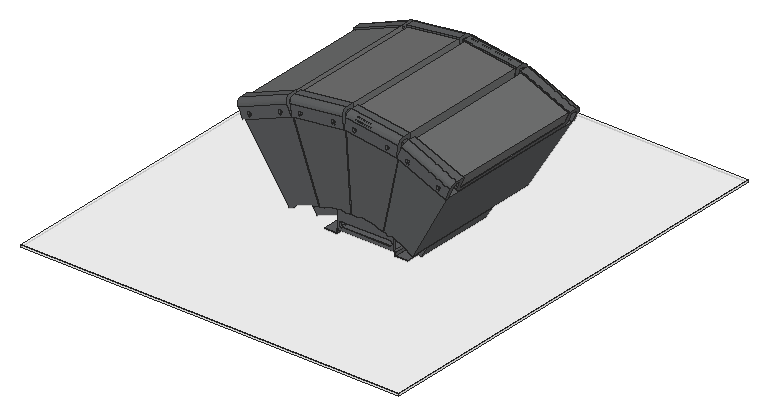
Revit family "HX-5B", category Communication Devices, host Face, Revit 2016
Family settings
  Host = Face
  Maintain Annotation Orientation = No
  Part Type = Normal
  Round Connector Dimension = Use Diameter
  OmniClass Number = 23.85.10.11.14
  OmniClass Title = Audio Equipment
  Cut with Voids When Loaded = Yes
  Shared = No
  Room Calculation Point = No
Parameters (values of type "HX-5B")
  Weight = "16kg"
  Water Protection = "-"
  URL = "http://toa.com.sg"
  Speaker Cord = "-"
  Speaker Component = "Low frequency: 12cm cone-type × 4\r\nHigh frequency: Balanced dome-type × 12"
  Sensitivity = "96dB (60° mode), 97dB (45° mode), 98dB (30° mode), 99dB (15° mode)*"
  Power Handling Capacity = "Continuous pink noise: 200W, Continuous program: 600W"
  Option = "Matching transformer: MT-200\r\nSpeaker mounting bracket: HY-PF1B,\r\n HY-CW1B, HY-WM1B, HY-WM2B\r\n HY-CN1B\r\nSpeaker stand adapter: HY-ST1"
  Operating Temperature = "-"
  Mesh = Black Mesh
  Material = Black
  Input Terminal = "Speakon NL4MP × 2 and M4 screw terminal"
  Model Type = "COMPACT ARRAY SPEAKER SYSTEM"
  Frequency Response = "70 – 20,000Hz (–10dB) (60° mode), 75 – 20,000Hz (–10dB) (45° mode), 80 – 20,000Hz (–10dB) (30° mode), 85 – 20,000Hz (–10dB) (15° mode)"
  Impedance = "8Ω"
  Model By = "BIMLIFE PTE LTD"  # constant formula
  Model = "HX-5B"
  Manufacturer = "TOA Electronics Pte Ltd"  # constant formula
  Supplier Tel = "+65 6835 9119"  # constant formula
  Supplier Fax = "+65 6835 9559"  # constant formula
  Supplier Address = "491B River Valley Road, #19-03/04 Valley Point Office Tower, Singapore 248373"  # constant formula
  Supplier = "TOA Electronics Pte Ltd"  # constant formula
  Suppiler Email = "http://toa.com.sg"  # constant formula
  Finish = "Enclosure: Polypropylene, black\r\nPunched net: Surface-treated steel plate, black"
  Enclosure = "Bass-reflex type"
  Directivity Angle = "Horizontal: 100° (2 kHz or more)\r\nVertical: 60° (800 Hz or more), 45° (1.2 kHz or more), 30° (1.6 kHz or more), 15° (3.2 kHz or more) variable"
  Dimension = "408 (W) × 546 (H) ×342 (D)mm"
  Default Elevation = 0 mm
  Crossover Frequency = "4kHz"
  Copyright To = "TOA Electronics Pte Ltd"  # constant formula
  Accessory = "Hanging bracket × 2, Hex. wrench × 1"
Types (4, lengths in mm): name | Water Protection | Speaker Cord | Option | Operating Temperature | Mesh | Material | Input Terminal | Frequency Response | Model | Finish | Enclosure
  HX-5B | "-" | "-" | "Matching transformer: MT-200\r\nSpeaker mounting bracket: HY-PF1B,\r\n HY-CW1B, HY-WM1B, HY-WM2B\r\n HY-CN1B\r\nSpeaker stand adapter: HY-ST1" | "-" | Black Mesh | Black | "Speakon NL4MP × 2 and M4 screw terminal" | "70 – 20,000Hz (–10dB) (60° mode), 75 – 20,000Hz (–10dB) (45° mode), 80 – 20,000Hz (–10dB) (30° mode), 85 – 20,000Hz (–10dB) (15° mode)" | "HX-5B" | "Enclosure: Polypropylene, black\r\nPunched net: Surface-treated steel plate, black" | "Bass-reflex type"
  HX-5B-WP | "IPX4 (Install with the every speaker module downward)" | "2-core cabtyre cord with diameter of 6mm" | "Matching transformer: MT-200\r\nSpeaker mounting bracket: HY-PF1WP, \r\n HY-CW1WP, HY-WM1WP\r\n HY-WM2WP, HY-CN1B-WP" | "–15°C to +50°C" | Black Mesh | Black | "-" | "95 – 20,000Hz (–10dB) (60° mode), 100 – 20,000Hz (–10dB) (45° mode), 105 – 20,000Hz (–10dB) (30° mode), 110 – 20,000Hz (–10dB) (15° mode)" | "HX-5B-WP" | "Enclosure: Polypropylene, black\r\nPunched net: Surface-treated steel plate, black, rust proof coating" | "Sealed type"
  HX-5W | "-" | "-" | "Matching transformer: MT-200\r\nSpeaker mounting bracket: HY-PF1B,\r\n HY-CW1B, HY-WM1B, HY-WM2B\r\n HY-CN1B\r\nSpeaker stand adapter: HY-ST1" | "-" | White Mesh | OFF-WHITE | "Speakon NL4MP × 2 and M4 screw terminal" | "70 – 20,000Hz (–10dB) (60° mode), 75 – 20,000Hz (–10dB) (45° mode), 80 – 20,000Hz (–10dB) (30° mode), 85 – 20,000Hz (–10dB) (15° mode)" | "HX-5W" | "Enclosure: Polypropylene, white\r\nPunched net: Surface-treated steel plate, white" | "Bass-reflex type"
  HX-5W-WP | "IPX4 (Install with the every speaker module downward)" | "2-core cabtyre cord with diameter of 6mm" | "Matching transformer: MT-200\r\nSpeaker mounting bracket: HY-PF1WP, \r\n HY-CW1WP, HY-WM1WP\r\n HY-WM2WP, HY-CN1B-WP" | "–15°C to +50°C" | White Mesh | OFF-WHITE | "-" | "95 – 20,000Hz (–10dB) (60° mode), 100 – 20,000Hz (–10dB) (45° mode), 105 – 20,000Hz (–10dB) (30° mode), 110 – 20,000Hz (–10dB) (15° mode)" | "HX-5W-WP" | "Enclosure: Polypropylene, white\r\nPunched net: Surface-treated steel plate, white, rust proof coating" | "Sealed type"
Reference planes
  plane 1 "Center (Front/Back)": y = 0
  plane 2: z = 0
  plane 3 "Center (Left/Right)": x = 0
Forms (mm)
  Extrusion 1, solid, material "Surface"
    sketch origin (1.238, -318.929, 0) x (1, 0, 0) y (0, 1, 0)
      loop
        line (-537.238, 873.929) -> (-537.238, -236.071) -> (424.112, -236.071) -> (424.112, 873.929) -> (-537.238, 873.929)
    from 0 to -6.497
  Extrusion 2, solid, material "Black" <- "Material", not visible
    sketch origin (-132.106, 204, -1125.384) x (-0.130526, 0, -0.991445) y (0.991445, 0, -0.130526)
      loop
        arc (-1190.206, 219.522) -> (-1191.438, 221.24) -> (-1193.496, 221.72) r 3
        line (-1193.496, 221.72) -> (-1203.448, 220.41) -> (-1212.841, 215.139) -> (-1248.533, 210.44) -> (-1258.969, 213.1) -> (-1268.922, 211.79)
        arc (-1268.922, 211.79) -> (-1270.786, 210.794) -> (-1271.531, 208.816) r 3
        line (-1271.531, 208.816) -> (-1271.531, 9.721) -> (-1138.677, 27.211) -> (-1190.206, 219.522)
    from 0 to 408
  Extrusion 3, void, not visible
    sketch origin (1.238, -318.929, 1.25) x (0, 1, 0) y (1, 0, 0)
      loop
        line (119.929, 42.262) -> (137.426, 242.262) -> (500.431, 242.262) -> (517.929, 42.262) -> (544.929, 42.262) -> (544.929, 250.621) -> (94.929, 250.621) -> (94.929, 42.262) -> (119.929, 42.262)
    from -135.694 to 4.095
  Sweep 4, solid, material "Black" <- "Material", not visible
    path origin (0, 0, 0) x (1, 0, 0) y (0, 1, 0)
      loop
        line (43.5, 204) -> (15, 204)
        arc (15, 204) -> (4.393, 199.607) -> (0, 189) r 15
        line (0, 189) -> (0, 169) -> (25, 169)
        arc (25, 169) -> (28.535, 167.536) -> (30, 164) r 5
        line (30, 164) -> (30, -164)
        arc (30, -164) -> (28.535, -167.536) -> (25, -169) r 5
        line (25, -169) -> (0, -169) -> (0, -189)
        arc (0, -189) -> (4.393, -199.607) -> (15, -204) r 15
        line (15, -204) -> (43.5, -204)
    profile origin (29.25, -204, 0) x (0, 1, 0) y (0, 0, 1)
      loop
        line (0, 0) -> (7, 0) -> (7, 134) -> (0, 134) -> (0, 0)
  Extrusion 5, solid, material "Black Mesh", not visible
    sketch origin (0, 0, 0) x (1, 0, 0) y (0, 1, 0)
      loop
        line (3, 169) -> (3, -169) -> (25, -169)
        arc (25, -169) -> (28.535, -167.536) -> (30, -164) r 5
        line (30, -164) -> (30, 164)
        arc (30, 164) -> (28.535, 167.536) -> (25, 169) r 5
        line (25, 169) -> (3, 169)
    from 3 to 131
  Extrusion 6, void, not visible
    sketch origin (0, -30.608, -19.725) x (0, 0, -1) y (1, 0, 0)
      loop
        circle (-128.725, 31.5) r 5.476
      loop
        circle (-44.725, 31.5) r 5.476
    from 169.6 to 173.392
  Extrusion 7, void, not visible
    sketch origin (0, 30.608, -19.725) x (0, 0, -1) y (-1, 0, 0)
      loop
        circle (-128.725, -31.5) r 5.476
      loop
        circle (-44.725, -31.5) r 5.476
    from 169.6 to 173.392
  Extrusion 8, solid, material "Black" <- "Material"
    sketch origin (-1265.736, 204, 309.012) x (-1, 0, 0) y (0, 0, -1)
      loop
        arc (-1190.206, 219.522) -> (-1191.438, 221.24) -> (-1193.496, 221.72) r 3
        line (-1193.496, 221.72) -> (-1203.448, 220.41) -> (-1212.841, 215.139) -> (-1248.533, 210.44) -> (-1258.969, 213.1) -> (-1268.922, 211.79)
        arc (-1268.922, 211.79) -> (-1270.786, 210.794) -> (-1271.531, 208.816) r 3
        line (-1271.531, 208.816) -> (-1271.531, 9.721) -> (-1138.677, 27.211) -> (-1190.206, 219.522)
    from 0 to 408
  Extrusion 9, void
    sketch origin (-131.336, -318.929, 323.865) x (-0.130526, 0, 0.991445) y (0, 1, 0)
      loop
        line (-42.262, 119.929) -> (-242.262, 137.426) -> (-242.262, 500.431) -> (-42.262, 517.929) -> (-42.262, 544.929) -> (-250.621, 544.929) -> (-250.621, 94.929) -> (-42.262, 94.929) -> (-42.262, 119.929)
    from -135.694 to 4.095
  Sweep 10, solid, material "Black" <- "Material"
    path origin (-132.737, 0, 324.929) x (0.130526, 0, -0.991445) y (0, 1, 0)
      loop
        line (43.5, 204) -> (15, 204)
        arc (15, 204) -> (4.393, 199.607) -> (0, 189) r 15
        line (0, 189) -> (0, 169) -> (25, 169)
        arc (25, 169) -> (28.535, 167.536) -> (30, 164) r 5
        line (30, 164) -> (30, -164)
        arc (30, -164) -> (28.535, -167.536) -> (25, -169) r 5
        line (25, -169) -> (0, -169) -> (0, -189)
        arc (0, -189) -> (4.393, -199.607) -> (15, -204) r 15
        line (15, -204) -> (43.5, -204)
    profile origin (-128.919, -204, 295.929) x (0, 1, 0) y (0.991445, 0, 0.130526)
      loop
        line (0, 0) -> (7, 0) -> (7, 134) -> (0, 134) -> (0, 0)
  Extrusion 11, solid, material "Black Mesh" <- "Mesh"
    sketch origin (-132.737, 0, 324.929) x (0.130526, 0, -0.991445) y (0, 1, 0)
      loop
        line (3, 169) -> (3, -169) -> (25, -169)
        arc (25, -169) -> (28.535, -167.536) -> (30, -164) r 5
        line (30, -164) -> (30, 164)
        arc (30, 164) -> (28.535, 167.536) -> (25, 169) r 5
        line (25, 169) -> (3, 169)
    from 3 to 131
  Extrusion 12, void
    sketch origin (-152.293, -30.608, 322.355) x (-0.991445, 0, -0.130526) y (0.130526, 0, -0.991445)
      loop
        circle (-128.725, 31.5) r 5.476
      loop
        circle (-44.725, 31.5) r 5.476
    from 169.6 to 173.392
  Extrusion 13, void
    sketch origin (-152.293, 30.608, 322.355) x (-0.991445, 0, -0.130526) y (-0.130526, 0, 0.991445)
      loop
        circle (-128.725, -31.5) r 5.476
      loop
        circle (-44.725, -31.5) r 5.476
    from 169.6 to 173.392
  Extrusion 14, solid, material "Black" <- "Material"
    sketch origin (-1358.659, 204, -38.141) x (-0.965926, 0, -0.258819) y (0.258819, 0, -0.965926)
      loop
        arc (-1190.206, 219.522) -> (-1191.438, 221.24) -> (-1193.496, 221.72) r 3
        line (-1193.496, 221.72) -> (-1203.448, 220.41) -> (-1212.841, 215.139) -> (-1248.533, 210.44) -> (-1258.969, 213.1) -> (-1268.922, 211.79)
        arc (-1268.922, 211.79) -> (-1270.786, 210.794) -> (-1271.531, 208.816) r 3
        line (-1271.531, 208.816) -> (-1271.531, 9.721) -> (-1138.677, 27.211) -> (-1190.206, 219.522)
    from 0 to 408
  Sweep 15, solid, material "Black" <- "Material"
    path origin (-268.386, 0, 270.475) x (0.382683, 0, -0.92388) y (0, 1, 0)
      loop
        line (43.5, 204) -> (15, 204)
        arc (15, 204) -> (4.393, 199.607) -> (0, 189) r 15
        line (0, 189) -> (0, 169) -> (25, 169)
        arc (25, 169) -> (28.535, 167.536) -> (30, 164) r 5
        line (30, 164) -> (30, -164)
        arc (30, -164) -> (28.535, -167.536) -> (25, -169) r 5
        line (25, -169) -> (0, -169) -> (0, -189)
        arc (0, -189) -> (4.393, -199.607) -> (15, -204) r 15
        line (15, -204) -> (43.5, -204)
    profile origin (-257.192, -204, 243.451) x (0, 1, 0) y (0.92388, 0, 0.382683)
      loop
        line (0, 0) -> (7, 0) -> (7, 134) -> (0, 134) -> (0, 0)
  Extrusion 16, solid, material "Black Mesh" <- "Mesh"
    sketch origin (-268.386, 0, 270.475) x (0.382683, 0, -0.92388) y (0, 1, 0)
      loop
        line (3, 169) -> (3, -169) -> (25, -169)
        arc (25, -169) -> (28.535, -167.536) -> (30, -164) r 5
        line (30, -164) -> (30, 164)
        arc (30, 164) -> (28.535, 167.536) -> (25, 169) r 5
        line (25, 169) -> (3, 169)
    from 3 to 131
  Extrusion 17, void
    sketch origin (-286.609, -30.608, 262.926) x (-0.92388, 0, -0.382683) y (0.382683, 0, -0.92388)
      loop
        circle (-128.725, 31.5) r 5.476
      loop
        circle (-44.725, 31.5) r 5.476
    from 169.6 to 173.392
  Extrusion 18, void
    sketch origin (-286.609, 30.608, 262.926) x (-0.92388, 0, -0.382683) y (-0.382683, 0, 0.92388)
      loop
        circle (-128.725, -31.5) r 5.476
      loop
        circle (-44.725, -31.5) r 5.476
    from 169.6 to 173.392
  Extrusion 19, solid, material "Black" <- "Material"
    sketch origin (-832.079, 204, 874.47) x (-0.866025, 0, 0.5) y (-0.5, 0, -0.866025)
      loop
        arc (-1190.206, 219.522) -> (-1191.438, 221.24) -> (-1193.496, 221.72) r 3
        line (-1193.496, 221.72) -> (-1203.448, 220.41) -> (-1212.841, 215.139) -> (-1248.533, 210.44) -> (-1258.969, 213.1) -> (-1268.922, 211.79)
        arc (-1268.922, 211.79) -> (-1270.786, 210.794) -> (-1271.531, 208.816) r 3
        line (-1271.531, 208.816) -> (-1271.531, 9.721) -> (-1138.677, 27.211) -> (-1190.206, 219.522)
    from 0 to 408
  Extrusion 20, void
    sketch origin (157.767, -318.929, 320.133) x (0.382683, 0, 0.92388) y (0, 1, 0)
      loop
        line (-42.262, 119.929) -> (-242.262, 137.426) -> (-242.262, 500.431) -> (-42.262, 517.929) -> (-42.262, 544.929) -> (-250.621, 544.929) -> (-250.621, 94.929) -> (-42.262, 94.929) -> (-42.262, 119.929)
    from -135.694 to 4.095
  Sweep 21, solid, material "Black" <- "Material"
    path origin (157.086, 0, 321.754) x (-0.382683, 0, -0.92388) y (0, 1, 0)
      loop
        line (43.5, 204) -> (15, 204)
        arc (15, 204) -> (4.393, 199.607) -> (0, 189) r 15
        line (0, 189) -> (0, 169) -> (25, 169)
        arc (25, 169) -> (28.535, 167.536) -> (30, 164) r 5
        line (30, 164) -> (30, -164)
        arc (30, -164) -> (28.535, -167.536) -> (25, -169) r 5
        line (25, -169) -> (0, -169) -> (0, -189)
        arc (0, -189) -> (4.393, -199.607) -> (15, -204) r 15
        line (15, -204) -> (43.5, -204)
    profile origin (145.892, -204, 294.731) x (0, 1, 0) y (0.92388, 0, -0.382683)
      loop
        line (0, 0) -> (7, 0) -> (7, 134) -> (0, 134) -> (0, 0)
  Extrusion 22, solid, material "Black Mesh" <- "Mesh"
    sketch origin (157.086, 0, 321.754) x (-0.382683, 0, -0.92388) y (0, 1, 0)
      loop
        line (3, 169) -> (3, -169) -> (25, -169)
        arc (25, -169) -> (28.535, -167.536) -> (30, -164) r 5
        line (30, -164) -> (30, 164)
        arc (30, 164) -> (28.535, 167.536) -> (25, 169) r 5
        line (25, 169) -> (3, 169)
    from 3 to 131
  Extrusion 23, void
    sketch origin (138.863, -30.608, 329.303) x (-0.92388, 0, 0.382683) y (-0.382683, 0, -0.92388)
      loop
        circle (-128.725, 31.5) r 5.476
      loop
        circle (-44.725, 31.5) r 5.476
    from 169.6 to 173.392
  Extrusion 24, void
    sketch origin (138.863, 30.608, 329.303) x (-0.92388, 0, 0.382683) y (0.382683, 0, 0.92388)
      loop
        circle (-128.725, -31.5) r 5.476
      loop
        circle (-44.725, -31.5) r 5.476
    from 169.6 to 173.392
  Extrusion 25, solid, material "Black" <- "Material"
    sketch origin (-1086.129, 204, 620.287) x (-0.965926, 0, 0.258819) y (-0.258819, 0, -0.965926)
      loop
        arc (-1190.206, 219.522) -> (-1191.438, 221.24) -> (-1193.496, 221.72) r 3
        line (-1193.496, 221.72) -> (-1203.448, 220.41) -> (-1212.841, 215.139) -> (-1248.533, 210.44) -> (-1258.969, 213.1) -> (-1268.922, 211.79)
        arc (-1268.922, 211.79) -> (-1270.786, 210.794) -> (-1271.531, 208.816) r 3
        line (-1271.531, 208.816) -> (-1271.531, 9.721) -> (-1138.677, 27.211) -> (-1190.206, 219.522)
    from 0 to 408
  Extrusion 26, void
    sketch origin (13.461, -318.929, 341.029) x (0.130526, 0, 0.991445) y (0, 1, 0)
      loop
        line (-42.262, 119.929) -> (-242.262, 137.426) -> (-242.262, 500.431) -> (-42.262, 517.929) -> (-42.262, 544.929) -> (-250.621, 544.929) -> (-250.621, 94.929) -> (-42.262, 94.929) -> (-42.262, 119.929)
    from -135.694 to 4.095
  Sweep 27, solid, material "Black" <- "Material"
    path origin (12.383, 0, 342.42) x (-0.130526, 0, -0.991445) y (0, 1, 0)
      loop
        line (43.5, 204) -> (15, 204)
        arc (15, 204) -> (4.393, 199.607) -> (0, 189) r 15
        line (0, 189) -> (0, 169) -> (25, 169)
        arc (25, 169) -> (28.535, 167.536) -> (30, 164) r 5
        line (30, 164) -> (30, -164)
        arc (30, -164) -> (28.535, -167.536) -> (25, -169) r 5
        line (25, -169) -> (0, -169) -> (0, -189)
        arc (0, -189) -> (4.393, -199.607) -> (15, -204) r 15
        line (15, -204) -> (43.5, -204)
    profile origin (8.565, -204, 313.42) x (0, 1, 0) y (0.991445, 0, -0.130526)
      loop
        line (0, 0) -> (7, 0) -> (7, 134) -> (0, 134) -> (0, 0)
  Extrusion 28, solid, material "Black Mesh" <- "Mesh"
    sketch origin (12.383, 0, 342.42) x (-0.130526, 0, -0.991445) y (0, 1, 0)
      loop
        line (3, 169) -> (3, -169) -> (25, -169)
        arc (25, -169) -> (28.535, -167.536) -> (30, -164) r 5
        line (30, -164) -> (30, 164)
        arc (30, 164) -> (28.535, 167.536) -> (25, 169) r 5
        line (25, 169) -> (3, 169)
    from 3 to 131
  Extrusion 29, void
    sketch origin (-7.172, -30.608, 344.994) x (-0.991445, 0, 0.130526) y (-0.130526, 0, -0.991445)
      loop
        circle (-128.725, 31.5) r 5.476
      loop
        circle (-44.725, 31.5) r 5.476
    from 169.6 to 173.392
  Extrusion 30, void
    sketch origin (-7.172, 30.608, 344.994) x (-0.991445, 0, 0.130526) y (0.130526, 0, 0.991445)
      loop
        circle (-128.725, -31.5) r 5.476
      loop
        circle (-44.725, -31.5) r 5.476
    from 169.6 to 173.392
  Extrusion 31, solid, material "Black" <- "Material"
    sketch origin (151.345, -204, 307.896) x (-0.382683, 0, -0.92388) y (0.92388, 0, -0.382683)
      loop
        arc (267.798, 35.034) -> (269.014, 35.684) -> (269.5, 36.975) r 1.958
        line (269.5, 36.975) -> (269.5, 96.988)
        arc (269.5, 96.988) -> (269.004, 98.306) -> (267.761, 98.97) r 2
        line (267.761, 98.97) -> (224.5, 104.666) -> (224.5, 29.334) -> (267.798, 35.034)
    from -80 to -282
  Extrusion 32, solid, material "Black" <- "Material", not visible
    sketch origin (15, -204, 0) x (1, 0, 0) y (0, 0, 1)
      loop
        arc (267.798, 35.034) -> (269.014, 35.684) -> (269.5, 36.975) r 1.958
        line (269.5, 36.975) -> (269.5, 96.988)
        arc (269.5, 96.988) -> (269.004, 98.306) -> (267.761, 98.97) r 2
        line (267.761, 98.97) -> (224.5, 104.666) -> (224.5, 29.334) -> (267.798, 35.034)
    from -80 to -282
  Extrusion 33, solid, material "Black" <- "Material"
    sketch origin (-130.779, -204, 310.058) x (0.130526, 0, -0.991445) y (0.991445, 0, 0.130526)
      loop
        arc (267.798, 35.034) -> (269.014, 35.684) -> (269.5, 36.975) r 1.958
        line (269.5, 36.975) -> (269.5, 96.988)
        arc (269.5, 96.988) -> (269.004, 98.306) -> (267.761, 98.97) r 2
        line (267.761, 98.97) -> (224.5, 104.666) -> (224.5, 29.334) -> (267.798, 35.034)
    from -80 to -282
  Extrusion 34, solid, material "Black" <- "Material"
    sketch origin (-262.645, -204, 256.617) x (0.382683, 0, -0.92388) y (0.92388, 0, 0.382683)
      loop
        arc (267.798, 35.034) -> (269.014, 35.684) -> (269.5, 36.975) r 1.958
        line (269.5, 36.975) -> (269.5, 96.988)
        arc (269.5, 96.988) -> (269.004, 98.306) -> (267.761, 98.97) r 2
        line (267.761, 98.97) -> (224.5, 104.666) -> (224.5, 29.334) -> (267.798, 35.034)
    from -80 to -282
  Extrusion 35, solid, material "Black" <- "Material"
    sketch origin (10.425, -204, 327.548) x (-0.130526, 0, -0.991445) y (0.991445, 0, -0.130526)
      loop
        arc (267.798, 35.034) -> (269.014, 35.684) -> (269.5, 36.975) r 1.958
        line (269.5, 36.975) -> (269.5, 96.988)
        arc (269.5, 96.988) -> (269.004, 98.306) -> (267.761, 98.97) r 2
        line (267.761, 98.97) -> (224.5, 104.666) -> (224.5, 29.334) -> (267.798, 35.034)
    from -80 to -282
  Extrusion 36, solid, material "Black" <- "Material"
    sketch origin (10.425, -124, 327.548) x (-0.130526, 0, -0.991445) y (0.991445, 0, -0.130526)
      loop
        arc (248.437, 94.057) -> (241.808, 90.23) -> (239.827, 82.837) r 10
        line (239.827, 82.837) -> (255.817, -38.615)
        arc (255.817, -38.615) -> (259.644, -45.243) -> (267.037, -47.224) r 10
        line (267.037, -47.224) -> (322.022, -39.985) -> (303.422, 101.296) -> (248.437, 94.057)
      loop
        line (285.101, 87.537) -> (300.765, -31.437)
        arc (300.765, -31.437) -> (309.179, -37.894) -> (315.636, -29.479) r 7.5
        line (315.636, -29.479) -> (299.973, 89.495)
        arc (299.973, 89.495) -> (291.558, 95.951) -> (285.101, 87.537) r 7.5
      loop
        circle (254.5, 86) r 6.1
      loop
        arc (260.072, 74.63) -> (258.924, 76.618) -> (256.706, 77.213) r 3
        line (256.706, 77.213) -> (250.757, 76.43)
        arc (250.757, 76.43) -> (248.769, 75.282) -> (248.175, 73.064) r 3
        line (248.175, 73.064) -> (254.309, 26.466)
        arc (254.309, 26.466) -> (255.457, 24.477) -> (257.675, 23.883) r 3
        line (257.675, 23.883) -> (263.624, 24.666)
        arc (263.624, 24.666) -> (265.612, 25.814) -> (266.207, 28.032) r 3
        line (266.207, 28.032) -> (260.072, 74.63)
      loop
        circle (259.342, 11.226) r 6.1
    from 0 to 3
  Extrusion 37, solid, material "Black" <- "Material"
    sketch origin (-1265.736, -30.608, 309.012) x (-1, 0, 0) y (0, 0, -1)
      loop
        arc (-1341.736, 306.512) -> (-1341.029, 306.22) -> (-1340.736, 305.512) r 1
        line (-1340.736, 305.512) -> (-1340.736, 299.012)
        arc (-1340.736, 299.012) -> (-1339.62, 296.449) -> (-1336.986, 295.512) r 3.514
        line (-1336.986, 295.512) -> (-1194.236, 295.512)
        arc (-1194.236, 295.512) -> (-1191.761, 296.538) -> (-1190.736, 299.012) r 3.5
        line (-1190.736, 299.012) -> (-1190.736, 305.512)
        arc (-1190.736, 305.512) -> (-1190.443, 306.22) -> (-1189.736, 306.512) r 1
        line (-1189.736, 306.512) -> (-1160.736, 306.512) -> (-1160.736, 309.012) -> (-1189.736, 309.012)
        arc (-1189.736, 309.012) -> (-1192.211, 307.987) -> (-1193.236, 305.512) r 3.5
        line (-1193.236, 305.512) -> (-1193.236, 299.012)
        arc (-1193.236, 299.012) -> (-1193.529, 298.305) -> (-1194.236, 298.012) r 1
        line (-1194.236, 298.012) -> (-1337.236, 298.012)
        arc (-1337.236, 298.012) -> (-1337.943, 298.305) -> (-1338.236, 299.012) r 1
        line (-1338.236, 299.012) -> (-1338.236, 305.512)
        arc (-1338.236, 305.512) -> (-1339.261, 307.987) -> (-1341.736, 309.012) r 3.5
        line (-1341.736, 309.012) -> (-1370.736, 309.012) -> (-1370.736, 306.512) -> (-1341.736, 306.512)
    from -111.608 to 96.392
  Extrusion 38, solid, material "Black" <- "Material"
    sketch origin (10.425, 78, 327.548) x (0.130526, 0, 0.991445) y (0.991445, 0, -0.130526)
      loop
        line (-248.437, 94.057) -> (-303.422, 101.296) -> (-322.022, -39.985) -> (-267.037, -47.224)
        arc (-267.037, -47.224) -> (-259.644, -45.243) -> (-255.817, -38.615) r 10
        line (-255.817, -38.615) -> (-239.827, 82.837)
        arc (-239.827, 82.837) -> (-241.808, 90.23) -> (-248.437, 94.057) r 10
      loop
        arc (-285.101, 87.537) -> (-291.558, 95.951) -> (-299.973, 89.495) r 7.5
        line (-299.973, 89.495) -> (-315.636, -29.479)
        arc (-315.636, -29.479) -> (-309.179, -37.894) -> (-300.765, -31.437) r 7.5
        line (-300.765, -31.437) -> (-285.101, 87.537)
      loop
        circle (-254.5, 86) r 6.1
      loop
        line (-260.072, 74.63) -> (-266.207, 28.032)
        arc (-266.207, 28.032) -> (-265.612, 25.814) -> (-263.624, 24.666) r 3
        line (-263.624, 24.666) -> (-257.675, 23.883)
        arc (-257.675, 23.883) -> (-255.457, 24.477) -> (-254.309, 26.466) r 3
        line (-254.309, 26.466) -> (-248.175, 73.064)
        arc (-248.175, 73.064) -> (-248.769, 75.282) -> (-250.757, 76.43) r 3
        line (-250.757, 76.43) -> (-256.706, 77.213)
        arc (-256.706, 77.213) -> (-258.924, 76.618) -> (-260.072, 74.63) r 3
      loop
        circle (-259.342, 11.226) r 6.1
    from 0 to 3
  Extrusion 39, void
    sketch origin (-266.757, -318.929, 269.81) x (-0.382683, 0, 0.92388) y (0, 1, 0)
      loop
        line (-42.262, 119.929) -> (-242.262, 137.426) -> (-242.262, 500.431) -> (-42.262, 517.929) -> (-42.262, 544.929) -> (-250.621, 544.929) -> (-250.621, 94.929) -> (-42.262, 94.929) -> (-42.262, 119.929)
    from -135.694 to 4.095
Cuts and joins
  Extrusion 9, Extrusion 20 cuts Extrusion 8
  Extrusion 12, Extrusion 13, Extrusion 17, Extrusion 18, Extrusion 39 cuts Sweep 10
  Extrusion 20, Extrusion 39 cuts Extrusion 14
  Extrusion 17, Extrusion 18, Extrusion 23, Extrusion 24, Extrusion 39 cuts Sweep 15
  Extrusion 20 cuts Extrusion 19
  Extrusion 23, Extrusion 24, Extrusion 29, Extrusion 30 cuts Sweep 21
  Extrusion 26 cuts Extrusion 25
  Extrusion 29, Extrusion 30 cuts Sweep 27
  joined: Extrusion 36, Extrusion 37, Extrusion 38
  Extrusion 39 cuts Extrusion 33
Dimensions and locks
  aligned and locked: plane 2 to Extrusion 1
  aligned and locked: level to Extrusion 1
